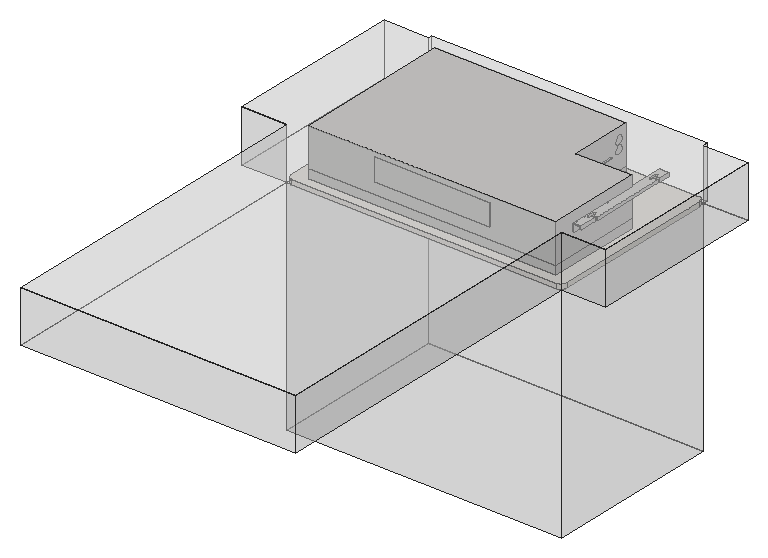
Revit family "outputfile", category 機械設備, Revit 2024
Family settings
  丸型コネクタ寸法 = 半径を使用
  パーツ タイプ = 標準
  OmniClass 番号 = 23.75.10.24.21.27.27
  OmniClass タイトル = Split System Air Conditioning Units
  作業面ベース = いいえ
  常に垂直 = はい
  ロード時にボイドで切り取り = いいえ
  注釈の向きを維持 = いいえ
  共有 = いいえ
  部屋計算ポイント = はい
Parameters (values of type "FXKQ25MAVE4")
  Description = ""
  製造元 = "Daikin"
  書き出し IFC クラス(タイプ) = "IfcUnitaryEquipmentType"
  定義済み IFC タイプ(タイプ) = "AIRCONDITIONINGUNIT"
  Cost = 0
  モデル = "FXKQ25MAVE4"
  Type Comments = ""
  Keynote = ""
  Type Image = (empty or 0)
  Assembly Code = ""
  w_mountinghole = if(Width = 1240.0 mm, 1150.0 mm, 1350.0 mm)  # 1150.0 mm
  w_casing = if(Width = 1240.0 mm, 1110.0 mm, 1310.0 mm)  # 1110.0 mm
  w_block = if(Width = 1240.0 mm, 520.0 mm, 720.0 mm)  # 520.0 mm
  r_OAduct = OA Duct Size Diameter / 2  # 37.5 mm
  r_Liquid Pipe Size = Liquid Pipe Size / 2  # 3.2 mm
  r_Gas Pipe Size = Gas Pipe Size / 2  # 6.35 mm
  r_Drain Pipe Size = Drain Pipe Size / 2  # 12.5 mm
  lw_powersuply = (Width - 130.0 mm) / 2 - 250.0 mm  # 305.0 mm
  lw_gaspipe = 148.0 mm  # constant formula
  lw_drainpipe = 67.0 mm  # constant formula
  lw_liquidpipe = 215.0 mm  # constant formula
  lw_OA = w_casing / 2  # 555.0 mm
  lh_powersuply = 165.0 mm  # constant formula
  lh_liquidpipe = 140.0 mm  # constant formula
  lh_gaspipe = 140.0 mm  # constant formula
  lh_drainpipe = 170.0 mm  # constant formula
  lh_OA = 65.0 mm  # constant formula
  ld_powersuply = 314.0 mm  # constant formula
  ld_liquidpipe = 230.0 mm  # constant formula
  ld_gaspipe = 165.0 mm  # constant formula
  ld_drainpipe = 122.0 mm  # constant formula
  ld_OA = 60.0 mm  # constant formula
  h_mountinghole = 170.0 mm  # constant formula
  h_casing = 215.0 mm  # constant formula
  h_antenna = h_casing - h_mountinghole + 1.0 mm  # 46.0 mm
  d_mountinghole = 350.0 mm  # constant formula
  d_casing = 710.0 mm  # constant formula
  Width = 1240.0 mm
  Voltage_comment_60Hz = "220"
  Voltage_comment_50Hz = "220-240"
  Voltage_60Hz = 220 V
  Voltage_50Hz = 220 V
  Version = "ver.1.0"
  Unit Type = "Single Flow Cassette Type"
  Unit Mass Weight = 31.00 kg
  Unit Designation [instance] = ""
  Uniclass2015Version = "Products v1.30"
  Uniclass2015Title = "Variable refrigerant flow units"
  Uniclass2015Code = "Pr_70_65_03_94"
  URL = ""
  Total Heating Capacity [instance] = 0.000 kW
  Total Cooling Capacity [instance] = 0.000 kW
  Sound Pressure Level_M speed (dBA) = 0
  Sound Pressure Level_L speed (dBA) = 34
  Sound Pressure Level_H speed (dBA) = 39
  Series = "VRV Fan Coil Unit"
  Sensible Cooling Capacity [instance] = 0.000 kW
  Refrigerant Type = "R410A"
  Power Input (Heating) = 0.046 kW
  Power Input (Cooling) = 0.066 kW
  Phase_60Hz = 1
  Phase_50Hz = 1
  Option Accessory 3 [instance] = ""
  Option Accessory 2 [instance] = ""
  Option Accessory 1 [instance] = ""
  OA Duct Size Diameter = 75.0 mm
  Nominal Heating Capacity = 3.200 kW
  Nominal Cooling Capacity = 2.800 kW
  Minimum Circuit Amps_60Hz = 0.4 A
  Minimum Circuit Amps_50Hz = 0.3 A
  Minimum Airflow = 540.00 m³/h
  Median Airflow = 0.00 m³/h
  Maximum Fuse Amps_60Hz = 15.0 A
  Maximum Fuse Amps_50Hz = 15.0 A
  Maximum Airflow = 660.00 m³/h
  Material_Casing = DAIKIN_GalvanizedSteel_Casing_indoorunit
  Load Classification = HVAC
  Liquid Pipe Size = 6.4 mm
  Link_Nested Family [instance] = ""
  IfcVersion = "0"
  IfcExportType = "AIRCONDITIONINGUNIT"
  IfcExportAs = "IfcUnitaryEquipmentType"
  Height = 235.0 mm
  Heating Entering Wet Bulb Temperature [instance] = 0.00 °C
  Heating Entering Dry Bulb Temperature [instance] = 0.00 °C
  Heating Ambient Wet Bulb Temperature [instance] = 0.00 °C
  Heating Ambient Dry Bulb Temperature [instance] = 0.00 °C
  Heat Exchanger Type = "Cross Fin Coil"
  Gas Pipe Size = 12.7 mm
  Frequency_60Hz = 60 Hz
  Frequency_50Hz = 50 Hz
  Fan Type = "Sirocco Fan"
  Fan Drive = "Direct Drive"
  FCU Tag No. [instance] = ""
  Drain Pipe Size = 25.0 mm
  Design Supply Airflow [instance] = 0.00 m³/h
  Design Outdoor Airflow [instance] = 0.00 m³/h
  Depth = 800.0 mm
  既定の高さ = 0.0 mm
  Cooling Entering Wet Bulb Temperature [instance] = 0.00 °C
  Cooling Entering Dry Bulb Temperature [instance] = 0.00 °C
  Cooling Ambient Wet Bulb Temperature [instance] = 0.00 °C
  Cooling Ambient Dry Bulb Temperature [instance] = 0.00 °C
  Clearance visibility [instance] = yes
  Clearance Top = 0.0 mm
  Clearance Right = 200.0 mm
  Clearance Rear = 20.0 mm
  Clearance Left = 200.0 mm
  Clearance Front = 1500.0 mm
  Clearance Bottom = 1000.0 mm
Reference planes
  plane 1 "Center (Front/Back)": y = 0
  plane 2 "ceiling plane": z = 0
  plane 3 "Center (Left/Right)": x = 0
  plane 4 "Back": y = 400
  plane 5 "Front": y = -400
  plane 6 "Left": x = -620
  plane 7 "Right": x = 620
  plane 8 "Top": z = 215
  plane 9 "Bottom": z = -20
  plane 10: x = -555
  plane 11: x = 555
  plane 12: y = 355
  plane 13: y = -355
  plane 14: x = 305
  plane 15: y = 75
  plane 16: y = 175
  plane 17: y = -175
  plane 18: x = -575
  plane 19: x = 575
  plane 20: z = 140
  plane 21: x = 340
  plane 22: y = 230
  plane 23: z = 140
  plane 24: x = 407
  plane 25: y = 165
  plane 26: z = 170
  plane 27: x = 488
  plane 28: y = 122
  plane 29: z = 140
  plane 30: x = -260
  plane 31: x = 260
  plane 32: y = 314
  plane 33: z = 165
  plane 34: x = 340
  plane 35: x = 407
  plane 36: x = 488
  plane 37 "Clearance Rear": y = 420
  plane 38 "Clearance Front": y = -1900
  plane 39 "Clearance Left": x = -820
  plane 40 "Clearance Right": x = 820
  plane 41 "Clearance Top": z = 215
  plane 42 "Clearance Bottom": z = -1020
  plane 43: y = 314
  plane 44: y = 295
  plane 45: z = 150
  plane 46: y = -298
  plane 47: x = -526.5
Forms (mm)
  Extrusion 1, solid, material "DAIKIN_GalvanizedSteel_Casing_indoorunit" <- "Material_Casing"
    sketch origin (0, 0, 0) x (1, 0, 0) y (0, 1, 0)
      loop
        line (-555, 355) -> (-555, -355) -> (555, -355) -> (555, 75) -> (305, 75) -> (305, 355) -> (-555, 355)
    from 38 to 215
  Extrusion 2, solid
    sketch origin (0, 0, 0) x (1, 0, 0) y (0, 0, 1)
      loop
        circle (340, 140) r 3.2
    from 0 to -230
  Extrusion 3, solid
    sketch origin (0, 0, 0) x (1, 0, 0) y (0, 0, 1)
      loop
        circle (407, 140) r 6.35
    from 0 to -165
  Extrusion 4, solid
    sketch origin (0, 0, 0) x (1, 0, 0) y (0, 0, 1)
      loop
        circle (488, 170) r 12.5
    from 0 to -122
  Extrusion 5, solid, material "DAIKIN_GalvanizedSteel_Casing_indoorunit" <- "Material_Casing"
    sketch origin (-1374.64, -355, 1200) x (-1, 0, 0) y (0, 0, 1)
      loop
        line (-1114.64, -1010) -> (-1634.64, -1010) -> (-1634.64, -1110) -> (-1114.64, -1110) -> (-1114.64, -1010)
    from 0 to 5
  Extrusion 6, solid, material "DAIKIN_GalvanizedSteel_Casing_indoorunit" <- "Material_Casing"
    sketch origin (305, 75, 0) x (0, 1, 0) y (0, 0, 1)
      loop
        arc (74.992, 72.003) -> (85, 70) -> (95.008, 72.003) r 26
        line (95.008, 72.003) -> (117.626, 81.437)
        arc (117.626, 81.437) -> (127, 96) -> (117.626, 110.563) r 16
        line (117.626, 110.563) -> (95.008, 119.997)
        arc (95.008, 119.997) -> (85, 122) -> (74.992, 119.997) r 26
        line (74.992, 119.997) -> (52.374, 110.563)
        arc (52.374, 110.563) -> (43, 96) -> (52.374, 81.437) r 16
        line (52.374, 81.437) -> (74.992, 72.003)
      loop
        circle (85, 96) r 20
    from 0 to 5
  Extrusion 7, solid, material "DAIKIN_GalvanizedSteel_Casing_indoorunit" <- "Material_Casing"
    sketch origin (305, 75, 0) x (0, 1, 0) y (0, 0, 1)
      loop
        circle (85, 96) r 7
    from 0 to 18
  Extrusion 8, solid, material "DAIKIN_GalvanizedSteel_Casing_indoorunit" <- "Material_Casing"
    sketch origin (-555, 1296.25, 1200) x (0, 1, 0) y (0, 0, 1)
      loop
        circle (-1001.25, -1050) r 37.5
    from 0 to 5
  Extrusion 9, solid, material "DAIKIN_GalvanizedSteel_Casing_indoorunit" <- "Material_Casing"
    sketch origin (305, 75, 0) x (0, 1, 0) y (0, 0, 1)
      loop
        circle (239, 165) r 17
      loop
        circle (239, 125.153) r 17
    from 0 to -5
  Extrusion 10, solid, material "DAIKIN_GalvanizedSteel_Casing_indoorunit" <- "Material_Casing"
    sketch origin (-1374.64, 355, 1200) x (-1, 0, 0) y (0, 0, 1)
      loop
        circle (-850.64, -1087) r 20
    from 0 to -5
Dimensions and locks
  "Width": plane 6 "Left" to plane 7 "Right"
  "Depth": plane 4 "Back" to plane 5 "Front"
  "Height": plane 8 "Top" to plane 9 "Bottom"
  equal spacing: plane 12, plane 1 "Center (Front/Back)", plane 13
  "d_casing": plane 12 to plane 13
  locked: plane 6 "Left" to plane 10 at 65
  plane 11 to plane 7 "Right" = 65.0 mm
  equal spacing: plane 6 "Left", plane 3 "Center (Left/Right)", plane 7 "Right"
  "w_casing": plane 10 to plane 11
  locked: plane 14 to plane 11 at 250
  locked: plane 12 to plane 15 at 280
  "h_casing": plane 8 "Top" to level
  equal spacing: plane 16, plane 1 "Center (Front/Back)", plane 17
  "d_mountinghole": plane 16 to plane 17
  equal spacing: plane 18, plane 3 "Center (Left/Right)", plane 19
  "w_mountinghole": plane 18 to plane 19
  "lw_liquidpipe": plane 11 to plane 21
  "lh_liquidpipe": plane 20 to level
  "ld_liquidpipe": plane 1 "Center (Front/Back)" to plane 22
  "lh_gaspipe": plane 23 to level
  "lw_gaspipe": plane 11 to plane 24
  "ld_gaspipe": plane 1 "Center (Front/Back)" to plane 25
  "lh_drainpipe": plane 26 to level
  "lw_drainpipe": plane 11 to plane 27
  "ld_drainpipe": plane 1 "Center (Front/Back)" to plane 28
  locked: plane 29 to level at 140
  Extrusion 5 sketch curve to plane 29 to Extrusion 5 sketch curve = 50.0 mm locked, 50.0 mm locked
  equal spacing: plane 31, plane 3 "Center (Left/Right)", plane 30
  "w_block": plane 31 to plane 30
  locked: plane 1 "Center (Front/Back)" to Extrusion 6 sketch curve at 160
  locked: Extrusion 6 sketch curve to level at 96
  plane 1 "Center (Front/Back)" to Extrusion 7 sketch curve = 160.0 mm
  Extrusion 7 sketch curve to level = 96.0 mm
  locked: plane 12 to Extrusion 8 sketch curve at 60
  locked: plane 8 "Top" to Extrusion 8 sketch curve at 65
  locked: Extrusion 10 sketch curve to plane 10 at 31
  locked: plane 8 "Top" to Extrusion 10 sketch curve at 102
  "lh_powersuply": plane 33 to level
  "lw_drainpipe": plane 36 to plane 11
  "lw_gaspipe": plane 35 to plane 11
  "lw_liquidpipe": plane 34 to plane 11
  "lw_powersuply": plane 3 "Center (Left/Right)" to Extrusion 1
  "Clearance Left": plane 39 "Clearance Left" to plane 6 "Left"
  "Clearance Right": plane 7 "Right" to plane 40 "Clearance Right"
  "Clearance Front": plane 5 "Front" to plane 38 "Clearance Front"
  "Clearance Rear": plane 37 "Clearance Rear" to plane 4 "Back"
  "Clearance Top": plane 41 "Clearance Top" to plane 8 "Top"
  "Clearance Bottom": plane 9 "Bottom" to plane 42 "Clearance Bottom"
  "ld_powersuply": plane 43 to plane 1 "Center (Front/Back)"
  "ld_powersuply": plane 1 "Center (Front/Back)" to Extrusion 9 sketch curve
  "ld_OA": plane 12 to plane 44
  "lh_OA": plane 41 "Clearance Top" to plane 45
  locked: plane 46 to plane 13 at 57
  locked: plane 6 "Left" to plane 47 at 93.5
  "r_Liquid Pipe Size": radius of Extrusion 2 sketch curve
  "r_Gas Pipe Size": radius of Extrusion 3 sketch curve
  "r_Drain Pipe Size": radius of Extrusion 4 sketch curve
  aligned and locked: level to plane 2 "ceiling plane"
  aligned and locked: plane 6 "Left" to nested 1
  aligned and locked: plane 7 "Right" to nested 1
  aligned and locked: plane 4 "Back" to nested 1
  aligned and locked: plane 5 "Front" to nested 1
  aligned and locked: plane 9 "Bottom" to nested 1
  aligned and locked: Extrusion 1 sketch curve to plane 10
  aligned and locked: plane 12 to Extrusion 1 sketch curve
  aligned and locked: Extrusion 1 sketch curve to plane 13
  aligned and locked: plane 11 to Extrusion 1 sketch curve
  aligned and locked: Extrusion 1 sketch curve to plane 15
  aligned and locked: plane 14 to Extrusion 1 sketch curve
  aligned and locked: Extrusion 1 to nested 1
  aligned and locked: plane 8 "Top" to Extrusion 1
  aligned and locked: plane 11 to nested 2
  aligned and locked: plane 10 to nested 3
  aligned and locked: nested 7 to plane 16
  aligned and locked: plane 19 to nested 7
  aligned and locked: nested 6 to plane 17
  aligned and locked: plane 19 to nested 6
  aligned and locked: nested 4 to plane 16
  aligned and locked: plane 18 to nested 4
  aligned and locked: nested 5 to plane 17
  aligned and locked: plane 18 to nested 5
  aligned and locked: plane 20 to Extrusion 2 sketch curve
  aligned and locked: plane 21 to Extrusion 2 sketch curve
  aligned and locked: plane 22 to Extrusion 2
  aligned and locked: plane 23 to Extrusion 3 sketch curve
  aligned and locked: plane 24 to Extrusion 3 sketch curve
  aligned and locked: plane 25 to Extrusion 3
  aligned and locked: plane 26 to Extrusion 4 sketch curve
  aligned and locked: plane 27 to Extrusion 4 sketch curve
  aligned and locked: plane 28 to Extrusion 4
  aligned and locked: plane 30 to Extrusion 5 sketch curve
  aligned and locked: Extrusion 5 sketch curve to plane 31
  aligned and locked: plane 32 to Extrusion 9 sketch curve
  aligned and locked: plane 33 to Extrusion 9 sketch curve
  aligned and locked: nested 8 to plane 34
  aligned and locked: plane 22 to nested 8
  aligned and locked: nested 9 to plane 35
  aligned and locked: plane 25 to nested 9
  aligned and locked: nested 10 to plane 36
  aligned and locked: plane 28 to nested 10
  aligned and locked: Extrusion 1 to nested 11
  aligned and locked: plane 43 to nested 11
  aligned and locked: nested 12 to plane 44
  aligned and locked: nested 12 to plane 10
  aligned and locked: nested 12 to plane 45
  aligned and locked: plane 1 "Center (Front/Back)" to nested 14
  aligned and locked: nested 14 to plane 3 "Center (Left/Right)"
  aligned and locked: plane 41 "Clearance Top" to nested 14
  aligned and locked: nested 13 to plane 46
  aligned and locked: plane 47 to nested 13
Automatic sketch dimensions
  Extrusion 6 sketch curve to Extrusion 6 sketch curve = 0.0 mm  (x4)
  Extrusion 1 to Extrusion 6 sketch curve = 34.003 mm  (x2)
  Extrusion 6 sketch curve to Extrusion 6 sketch curve = 10.008 mm  (x2)
  Extrusion 6 sketch curve to Extrusion 6 sketch curve = 26.0 mm  (x2)
  Extrusion 6 sketch curve to Extrusion 6 sketch curve = 6.626 mm  (x4)
  Extrusion 6 sketch curve to Extrusion 6 sketch curve = 20.016 mm
  Extrusion 1 to Extrusion 6 sketch curve = 43.437 mm
  Extrusion 6 sketch curve to Extrusion 6 sketch curve = 9.433 mm  (x2)
  Extrusion 6 sketch curve to Extrusion 6 sketch curve = 14.563 mm  (x2)
  Extrusion 9 sketch curve to Extrusion 9 sketch curve = 39.847 mm
  radius of Extrusion 6 sketch curve = 20.0 mm
  radius of Extrusion 7 sketch curve = 7.0 mm
  radius of Extrusion 8 sketch curve = 37.5 mm
  radius of Extrusion 10 sketch curve = 20.0 mm
  radius of Extrusion 9 sketch curve = 17.0 mm  (x2)
Nested families
  nested 1: "daikin_round flow_panel" at (0, 0, 0), type "fresh white"
  nested 2: "daikin_hangerfixture_FXKQ-MAVE4" at (555, -12.527, 170) x (0, 1, 0) z (0, 0, 1), built-in parameter 1001364 <- "h_mountinghole", type "daikin_hangerfixture_FXKQ-MAVE4"
  nested 3: "daikin_hangerfixture_FXKQ-MAVE4" at (-555, -12.527, 170) x (0, 1, 0) z (0, 0, 1), built-in parameter 1001364 <- "h_mountinghole", type "daikin_hangerfixture_FXKQ-MAVE4"
  nested 4: "daikin_mountinghole" at (-575, 175, 0), l_antenna <- "h_antenna", Link_Nested Family <- "Link_Nested Family", h_mountinghole <- "h_mountinghole", type "daikin_mountinghole"
    with show yes, l_antenna 46.0 mm, h_mountinghole 170.0 mm, Link_Nested Family ""
  nested 5: "daikin_mountinghole" at (-575, -175, 0), l_antenna <- "h_antenna", Link_Nested Family <- "Link_Nested Family", h_mountinghole <- "h_mountinghole", type "daikin_mountinghole"
    with show yes, l_antenna 46.0 mm, h_mountinghole 170.0 mm, Link_Nested Family ""
  nested 6: "daikin_mountinghole" at (575, -175, 0), l_antenna <- "h_antenna", Link_Nested Family <- "Link_Nested Family", h_mountinghole <- "h_mountinghole", type "daikin_mountinghole"
    with show yes, l_antenna 46.0 mm, h_mountinghole 170.0 mm, Link_Nested Family ""
  nested 7: "daikin_mountinghole" at (575, 175, 0), l_antenna <- "h_antenna", Link_Nested Family <- "Link_Nested Family", h_mountinghole <- "h_mountinghole", type "daikin_mountinghole"
    with show yes, l_antenna 46.0 mm, h_mountinghole 170.0 mm, Link_Nested Family ""
  nested 8: "daikin_connector_rotate2" at (340, 0, 140) x (-1, 0, 0) z (0, 0, 1), built-in parameter 1001364 <- "lh_liquidpipe", radius <- "r_Liquid Pipe Size", length <- "ld_liquidpipe", type "daikin_connector_rotate2"
    with radius 3.2 mm, length 230.0 mm, angle_vertical 90.00°, show_face no
  nested 9: "daikin_connector_rotate2" at (407, 0, 140) x (-1, 0, 0) z (0, 0, 1), built-in parameter 1001364 <- "lh_gaspipe", radius <- "r_Gas Pipe Size", length <- "ld_gaspipe", type "daikin_connector_rotate2"
    with radius 6.35 mm, length 165.0 mm, angle_vertical 90.00°, show_face no
  nested 10: "daikin_connector_rotate2" at (488, 0, 170) x (-1, 0, 0) z (0, 0, 1), built-in parameter 1001364 <- "lh_drainpipe", radius <- "r_Drain Pipe Size", length <- "ld_drainpipe", type "daikin_connector_rotate2"
    with radius 12.5 mm, length 122.0 mm, angle_vertical 90.00°, show_face no
  nested 11: "daikin_connector_rotate2" at (0, 314, 165) x (0, 1, 0) z (0, 0, 1), length <- "lw_powersuply", built-in parameter 1001364 <- "lh_powersuply", type "daikin_connector_rotate2"
    with radius 10.0 mm, length 305.0 mm, angle_vertical 90.00°, show_face no
  nested 12: "daikin_connector_rotate2" at (0, 295, 150) x (0, -1, 0) z (0, 0, 1), radius <- "r_OAduct", length <- "lw_OA", type "daikin_connector_rotate2"
    with radius 37.5 mm, length 555.0 mm, angle_vertical 90.00°, show_face no
  nested 13: "daikin_logo_plane_w40" at (-526.5, -298, -22), type "daikin_logo_plane_w40"
    with show_logo yes
  nested 14: "daikin_clearancespace_cassette" at (0, 0, 97.5), depth_outline <- "Depth", height_outline <- "Height", width_outline <- "Width", depth_front <- "Clearance Front", depth_rear <- "Clearance Rear", height_bottom <- "Clearance Bottom", height_top <- "Clearance Top", width_left <- "Clearance Left", width_right <- "Clearance Right", show <- "Clearance visibility", visible <- "Clearance visibility", Link_Nested Family <- "Link_Nested Family", type "daikin_clearancespace_cassette"
    with width_right 200.0 mm, width_outline 1240.0 mm, width_left 200.0 mm, width 1823.963 mm, show yes, height_top 0.0 mm, height_outline 235.0 mm, height_bottom 1000.0 mm, height 1359.762 mm, depth_rear 20.0 mm, depth_outline 800.0 mm, depth_front 1500.0 mm, depth 880.0 mm, Link_Nested Family ""
Connectors
  electrical at (305, 314, 165), driven by "Load Classification"
    settings: on nested 11, index 1, voltage 0 V, apparent load 0 VA, apparent load phase1 0 VA, apparent load phase2 0 VA, apparent load phase3 0 VA, power factor 1, load classification "HVAC", number of poles 1, system type 30, power factor state 1, is connector primary yes, connector utility no, sub classification motor no, connector description "Power Supply"
  piping at (340, 230, 140), diameter 6.4, driven by "r_Liquid Pipe Size"
    settings: on nested 8, index 2, connector inside diameter 609.6 mm, connector length 0.0 mm, flow factor 0, pipe flow 0.00 m³/h, pressure drop 0.0 Pa, fitting loss kfactor 0, connector angle 0.00°, fixture units 0, engagement length 0.0 mm, angle of deflection 0.00°, flow configuration 1, flow direction 1, fitting loss method 0, system type 29, joint type 0, gender type 0, connector reference index -1, connector utility 0, adjustable connector no, is connector primary yes, connector description "Refrigerant Liquid Piping"
  piping at (407, 165, 140), diameter 12.7, driven by "r_Gas Pipe Size"
    settings: on nested 9, index 3, connector inside diameter 609.6 mm, connector length 0.0 mm, flow factor 0, pipe flow 0.00 m³/h, pressure drop 0.0 Pa, fitting loss kfactor 0, connector angle 0.00°, fixture units 0, engagement length 0.0 mm, angle of deflection 0.00°, flow configuration 1, flow direction 2, fitting loss method 0, system type 29, joint type 0, gender type 0, connector reference index -1, connector utility 0, adjustable connector no, is connector primary no, connector description "Refrigerant Gas Piping"
  piping at (488, 122, 170), diameter 25, driven by "r_Drain Pipe Size"
    settings: on nested 10, index 4, connector inside diameter 609.6 mm, connector length 0.0 mm, flow factor 0, pipe flow 0.00 m³/h, pressure drop 0.0 Pa, fitting loss kfactor 0, connector angle 0.00°, fixture units 0, engagement length 0.0 mm, angle of deflection 0.00°, flow configuration 1, flow direction 2, fitting loss method 4, system type 16, joint type 0, gender type 0, connector reference index -1, connector utility 0, adjustable connector no, is connector primary no, connector description "Condensate Drain Piping"
  hvac at (-555, 295, 150), driven by "r_OAduct"
    settings: on nested 12, index 5, duct flow 0.00 m³/h, flow factor 0, pres drop 0.00 Pa, loss coef 0, conn angle 0.00°, conn width 304.8 mm, conn height 304.8 mm, conn diameter 75.0 mm, duct sys type 1, conn prof type 0, flow config 0, flow direction 1, loss method 4, conn ref index -1, conn util no, is conn primary yes, conn desc "OA Duct"
Definition of nested family "daikin_round flow_panel"
  Parameters (values of type "fresh white")
    width = if(W = 1240.0 mm, 1240.0 mm, 1440.0 mm)  # 1240.0 mm
    w_casing = width - 130.0 mm  # 1110.0 mm
    material_panel = none
    material_casing = none
    height = 58.0 mm  # constant formula
    depth = 800.0 mm  # constant formula
    d_casing = 710.0 mm  # constant formula
    W = 1240.0 mm
    Default Elevation = 0.0 mm
  Reference planes
    plane 1 "Center (Front/Back)": y = 0
    plane 2: z = 0
    plane 3 "Center (Left/Right)": x = 0
    plane 4: y = 400
    plane 5: y = -400
    plane 6: x = -620
    plane 7: x = 620
    plane 8 "Bottom": z = -20
    plane 9: y = 355
    plane 10: y = -355
    plane 11: x = -555
    plane 12: x = 555
    plane 13: z = 38
    plane 14: x = -563
    plane 15: x = 563
    plane 16: y = 341
    plane 17: y = -350
    plane 18: y = 71
    plane 19: y = -228
    plane 20: x = -490
    plane 21: x = 490
    plane 22: x = 305
    plane 23: y = 75
  Forms (mm)
    Extrusion 1, solid, material <- "material_casing"
      sketch origin (0, 0, 0) x (1, 0, 0) y (0, 1, 0)
        loop
          line (-555, 355) -> (-555, -355) -> (555, -355) -> (555, 355) -> (-555, 355)
      from 0 to 38
    Extrusion 2, solid, material <- "material_panel"
      sketch origin (0, 0, 0) x (1, 0, 0) y (0, 1, 0)
        loop
          arc (-595, 400) -> (-612.678, 392.678) -> (-620, 375) r 25
          line (-620, 375) -> (-620, -375)
          arc (-620, -375) -> (-612.678, -392.678) -> (-595, -400) r 25
          line (-595, -400) -> (595, -400)
          arc (595, -400) -> (612.678, -392.678) -> (620, -375) r 25
          line (620, -375) -> (620, 375)
          arc (620, 375) -> (612.678, 392.678) -> (595, 400) r 25
          line (595, 400) -> (-595, 400)
      from 0 to -20
    Extrusion 3, void
      sketch origin (0, 0, 0) x (1, 0, 0) y (0, 1, 0)
        loop
          line (-563, 400) -> (-563, -400) -> (563, -400) -> (563, 400) -> (-563, 400)
      from -10 to -20
    Extrusion 4, solid, material <- "material_panel"
      sketch origin (0, 0, 0) x (1, 0, 0) y (0, 1, 0)
        loop
          line (-563, 400) -> (-563, 341) -> (563, 341) -> (563, 400) -> (-563, 400)
        loop
          line (-563, -350) -> (-563, -400) -> (563, -400) -> (563, -350) -> (-563, -350)
      from -20 to -10
    Extrusion 5, solid, material <- "material_panel"
      sketch origin (0, 0, 0) x (1, 0, 0) y (0, 1, 0)
        loop
          line (-563, 341) -> (-563, 71) -> (563, 71) -> (563, 341) -> (-563, 341)
      from -20 to -10
    Extrusion 6, solid, material <- "material_panel"
      sketch origin (0, 0, 0) x (1, 0, 0) y (0, 1, 0)
        loop
          line (-563, 71) -> (-563, -228) -> (563, -228) -> (563, 71) -> (-563, 71)
      from -20 to -10
    Extrusion 7, solid, material <- "material_panel"
      sketch origin (0, 0, 0) x (1, 0, 0) y (0, 1, 0)
        loop
          line (-563, -228) -> (-563, -350) -> (-490, -350) -> (-490, -228) -> (-563, -228)
        loop
          line (490, -228) -> (490, -350) -> (563, -350) -> (563, -228) -> (490, -228)
      from -20 to -10
    Extrusion 8, solid, material <- "material_panel"
      sketch origin (0, 0, 0) x (1, 0, 0) y (0, 1, 0)
        loop
          line (-490, -228) -> (-490, -350) -> (-472, -350) -> (-472, -228) -> (-490, -228)
        loop
          line (472, -228) -> (472, -350) -> (490, -350) -> (490, -228) -> (472, -228)
      from -20 to -10
    Extrusion 9, solid, material <- "material_panel"
      sketch origin (0, 0, 0) x (1, 0, 0) y (0, 1, 0)
        loop
          line (-472, -228) -> (-472, -350) -> (472, -350) -> (472, -228) -> (-472, -228)
      from -20 to -10
    Extrusion 10, void
      sketch origin (0, 0, 0) x (1, 0, 0) y (0, 1, 0)
        loop
          line (305, 355) -> (305, 75) -> (555, 75) -> (555, 355) -> (305, 355)
      from 38 to 0
  Cuts and joins
    Extrusion 3, Extrusion 10 cuts Extrusion 1
    Extrusion 3, Extrusion 10 cuts Extrusion 2
    Extrusion 10 cuts Extrusion 4
    joined: Extrusion 2, Extrusion 4
  Dimensions and locks
    "width": plane 6 to plane 7
    "depth": plane 4 to plane 5
    equal spacing: plane 6, plane 3 "Center (Left/Right)", plane 7
    equal spacing: plane 4, plane 1 "Center (Front/Back)", plane 5
    equal spacing: plane 9, plane 1 "Center (Front/Back)", plane 10
    "d_casing": plane 9 to plane 10
    equal spacing: plane 11, plane 3 "Center (Left/Right)", plane 12
    "w_casing": plane 11 to plane 12
    locked: level to plane 8 "Bottom" at 20
    locked: plane 6 to plane 14 at 57
    locked: plane 15 to plane 7 at 57
    "height": plane 13 to plane 8 "Bottom"
    locked: plane 4 to plane 16 at 59
    locked: plane 17 to plane 5 at 50
    locked: cut or joined group of Extrusion 2, Extrusion 3, Extrusion 4, Extrusion 10 to plane 18 at 270
    locked: plane 19 to Extrusion 5 at 299
    locked: plane 14 to plane 20 at 73
    locked: plane 21 to plane 15 at 73
    locked: plane 9 to plane 23 at 280
    locked: plane 22 to plane 12 at 250
    plane 6 to Extrusion 8 sketch curve to Extrusion 8 sketch curve = 130.0 mm locked, 18.0 mm locked
    Extrusion 8 sketch curve to Extrusion 8 sketch curve to plane 7 = 18.0 mm locked, 130.0 mm locked
    radius of Extrusion 2 sketch curve = 25.0 mm  (x4)
    aligned and locked: level to plane 2
    aligned and locked: plane 11 to Extrusion 1 sketch curve
    aligned and locked: Extrusion 1 sketch curve to plane 12
    aligned and locked: Extrusion 1 sketch curve to plane 9
    aligned and locked: plane 10 to Extrusion 1 sketch curve
    aligned and locked: Extrusion 1 to level
    aligned and locked: plane 13 to Extrusion 1
    aligned and locked: Extrusion 2 sketch curve to plane 4
    aligned and locked: plane 6 to Extrusion 2 sketch curve
    aligned and locked: plane 5 to Extrusion 2 sketch curve
    aligned and locked: Extrusion 2 sketch curve to plane 7
    aligned and locked: Extrusion 2 to plane 8 "Bottom"
    aligned and locked: level to Extrusion 2
    aligned and locked: plane 14 to Extrusion 3 sketch curve
    aligned and locked: Extrusion 3 sketch curve to plane 15
    aligned and locked: Extrusion 3 sketch curve to plane 4
    aligned and locked: plane 5 to Extrusion 3 sketch curve
    aligned and locked: plane 8 "Bottom" to Extrusion 3
    aligned and locked: plane 16 to Extrusion 4 sketch curve
    aligned and locked: Extrusion 4 sketch curve to plane 4
    aligned and locked: plane 14 to Extrusion 4 sketch curve  (x2)
    aligned and locked: Extrusion 4 sketch curve to plane 15  (x2)
    aligned and locked: Extrusion 4 sketch curve to plane 17
    aligned and locked: plane 5 to Extrusion 4 sketch curve
    aligned and locked: Extrusion 4 to cut or joined group of Extrusion 2, Extrusion 3, Extrusion 4, Extrusion 10
    aligned and locked: Extrusion 4 to plane 8 "Bottom"
    aligned and locked: Extrusion 5 sketch curve to cut or joined group of Extrusion 2, Extrusion 3, Extrusion 4, Extrusion 10  (x2)
    aligned and locked: Extrusion 5 sketch curve to plane 18
    aligned and locked: Extrusion 5 sketch curve to plane 15
    aligned and locked: Extrusion 5 to cut or joined group of Extrusion 2, Extrusion 3, Extrusion 4, Extrusion 10
    aligned and locked: Extrusion 5 to plane 8 "Bottom"
    aligned and locked: Extrusion 5 to Extrusion 6 sketch curve
    aligned and locked: Extrusion 6 sketch curve to plane 19
    aligned and locked: plane 14 to Extrusion 6 sketch curve
    aligned and locked: Extrusion 6 sketch curve to plane 15
    aligned and locked: Extrusion 6 to cut or joined group of Extrusion 2, Extrusion 3, Extrusion 4, Extrusion 10
    aligned and locked: Extrusion 6 to plane 8 "Bottom"
    aligned and locked: Extrusion 6 to Extrusion 7 sketch curve  (x2)
    aligned and locked: cut or joined group of Extrusion 2, Extrusion 3, Extrusion 4, Extrusion 10 to Extrusion 7 sketch curve  (x2)
    aligned and locked: plane 21 to Extrusion 7 sketch curve
    aligned and locked: Extrusion 7 sketch curve to plane 15
    aligned and locked: Extrusion 7 sketch curve to plane 20
    aligned and locked: plane 14 to Extrusion 7 sketch curve
    aligned and locked: Extrusion 7 to cut or joined group of Extrusion 2, Extrusion 3, Extrusion 4, Extrusion 10
    aligned and locked: Extrusion 7 to plane 8 "Bottom"
    aligned and locked: cut or joined group of Extrusion 2, Extrusion 3, Extrusion 4, Extrusion 10 to Extrusion 8
    aligned and locked: Extrusion 8 to plane 8 "Bottom"
    aligned and locked: Extrusion 6 to Extrusion 9 sketch curve
    aligned and locked: cut or joined group of Extrusion 2, Extrusion 3, Extrusion 4, Extrusion 10 to Extrusion 9 sketch curve
    aligned and locked: cut or joined group of Extrusion 2, Extrusion 3, Extrusion 4, Extrusion 10 to Extrusion 9
    aligned and locked: Extrusion 9 to plane 8 "Bottom"
    aligned and locked: Extrusion 10 sketch curve to plane 9
    aligned and locked: Extrusion 10 sketch curve to plane 23
    aligned and locked: plane 22 to Extrusion 10 sketch curve
    aligned and locked: Extrusion 10 sketch curve to plane 12
    aligned and locked: Extrusion 10 to plane 13
    aligned and locked: Extrusion 10 to level
  Automatic sketch dimensions
    plane 11 to Extrusion 9 sketch curve = 83.0 mm
    Extrusion 9 sketch curve to plane 12 = 83.0 mm
    plane 10 to Extrusion 8 sketch curve = 5.0 mm  (x2)
    Extrusion 8 sketch curve to Extrusion 8 sketch curve = 122.0 mm  (x2)
Definition of nested family "daikin_hangerfixture_FXKQ-MAVE4"
  Parameters (values of type "daikin_hangerfixture_FXKQ-MAVE4")
    width = 495.0 mm
    material = none
    height = 40.0 mm
    depth = 40.0 mm
    Default Elevation = 0.0 mm
  Reference planes
    plane 1 "Center (Front/Back)": y = 0
    plane 2: z = 0
    plane 3 "Center (Left/Right)": x = 0
    plane 4: y = 417.146
    plane 5: y = -40
    plane 6: x = -247.5
    plane 7: x = 247.5
    plane 8: z = -4.6
    plane 9: z = -16
    plane 10: y = -2.3
    plane 11: y = -35.4
    plane 12 "CENTER": y = -20
    plane 13: z = -40
  Forms (mm)
    Extrusion 1, solid, material <- "material"
      sketch origin (0, 0, 0) x (1, 0, 0) y (0, 1, 0)
        loop
          line (-247.5, -40) -> (-168.5, -40) -> (-168.5, -29)
          arc (-168.5, -29) -> (-169.379, -26.879) -> (-171.5, -26) r 3
          line (-171.5, -26) -> (-176.5, -26)
          arc (-176.5, -26) -> (-182.5, -20) -> (-176.5, -14) r 6
          line (-176.5, -14) -> (-148.5, -14)
          arc (-148.5, -14) -> (-142.5, -20) -> (-148.5, -26) r 6
          line (-148.5, -26) -> (-153.5, -26)
          arc (-153.5, -26) -> (-155.621, -26.879) -> (-156.5, -29) r 3
          line (-156.5, -29) -> (-156.5, -40) -> (181.5, -40) -> (181.5, -29)
          arc (181.5, -29) -> (180.621, -26.879) -> (178.5, -26) r 3
          line (178.5, -26) -> (173.5, -26)
          arc (173.5, -26) -> (167.5, -20) -> (173.5, -14) r 6
          line (173.5, -14) -> (201.5, -14)
          arc (201.5, -14) -> (207.5, -20) -> (201.5, -26) r 6
          line (201.5, -26) -> (196.5, -26)
          arc (196.5, -26) -> (194.379, -26.879) -> (193.5, -29) r 3
          line (193.5, -29) -> (193.5, -40) -> (247.5, -40) -> (247.5, 0) -> (-247.5, 0) -> (-247.5, -40)
      from 0 to -4.6
    Extrusion 2, solid, material <- "material"
      sketch origin (-1008.844, -40, 1200) x (-1, 0, 0) y (0, 0, 1)
        loop
          line (-761.344, -1200) -> (-840.344, -1200) -> (-840.344, -1210)
          arc (-840.344, -1210) -> (-838.587, -1214.243) -> (-834.344, -1216) r 6
          line (-834.344, -1216) -> (-767.344, -1216)
          arc (-767.344, -1216) -> (-763.102, -1214.243) -> (-761.344, -1210) r 6
          line (-761.344, -1210) -> (-761.344, -1200)
        loop
          line (-852.344, -1200) -> (-1190.344, -1200) -> (-1190.344, -1210)
          arc (-1190.344, -1210) -> (-1188.587, -1214.243) -> (-1184.344, -1216) r 6
          line (-1184.344, -1216) -> (-858.344, -1216)
          arc (-858.344, -1216) -> (-854.102, -1214.243) -> (-852.344, -1210) r 6
          line (-852.344, -1210) -> (-852.344, -1200)
        loop
          line (-1202.344, -1200) -> (-1256.344, -1200) -> (-1256.344, -1210)
          arc (-1256.344, -1210) -> (-1254.587, -1214.243) -> (-1250.344, -1216) r 6
          line (-1250.344, -1216) -> (-1208.344, -1216)
          arc (-1208.344, -1216) -> (-1204.102, -1214.243) -> (-1202.344, -1210) r 6
          line (-1202.344, -1210) -> (-1202.344, -1200)
      from 0 to 4.6
    Extrusion 3, solid, material <- "material"
      sketch origin (0, 0, 0) x (1, 0, 0) y (0, 0, 1)
        loop
          line (-237.5, -40) -> (237.5, -40)
          arc (237.5, -40) -> (244.571, -37.071) -> (247.5, -30) r 10
          line (247.5, -30) -> (247.5, 0) -> (-247.5, 0) -> (-247.5, -30)
          arc (-247.5, -30) -> (-244.571, -37.071) -> (-237.5, -40) r 10
      from 0 to 4.6
  Cuts and joins
    joined: Extrusion 1, Extrusion 2, Extrusion 3
  Dimensions and locks
    "width": plane 6 to plane 7
    "depth": plane 5 to plane 1 "Center (Front/Back)"
    plane 2 to plane 8 = 4.6 mm
    plane 10 to plane 1 "Center (Front/Back)" = 2.3 mm
    plane 11 to plane 5 = 4.6 mm
    equal spacing: plane 5, plane 12 "CENTER", plane 1 "Center (Front/Back)"
    plane 6 to plane 3 "Center (Left/Right)" = 247.5 mm
    plane 3 "Center (Left/Right)" to plane 7 = 247.5 mm
    "height": level to plane 13
    aligned and locked: level to plane 2
    aligned and locked: plane 2 to Extrusion 1
    aligned and locked: Extrusion 1 sketch curve to plane 5
    aligned and locked: Extrusion 1 sketch curve to plane 6
    aligned and locked: Extrusion 3 sketch curve to plane 13
    aligned and locked: Extrusion 3 sketch curve to cut or joined group of Extrusion 1, Extrusion 2, Extrusion 3  (x2)
    aligned and locked: Extrusion 3 sketch curve to plane 6
  Automatic sketch dimensions
    Extrusion 2 sketch curve to plane 9 = 0.0 mm  (x3)
    Extrusion 2 sketch curve to level = 0.0 mm  (x3)
    Extrusion 2 sketch curve to Extrusion 2 sketch curve = 6.0 mm  (x3)
    Extrusion 2 sketch curve to Extrusion 2 sketch curve = 18.0 mm
    plane 9 to Extrusion 2 sketch curve = 6.0 mm  (x2)
    plane 6 to Extrusion 2 sketch curve = 6.0 mm
    Extrusion 2 sketch curve to plane 7 = 0.0 mm
    Extrusion 2 sketch curve to plane 6 = 0.0 mm
    Extrusion 2 sketch curve to Extrusion 2 sketch curve = 42.0 mm
    Extrusion 2 sketch curve to Extrusion 2 sketch curve = 12.0 mm
    Extrusion 2 sketch curve to Extrusion 2 sketch curve = 91.0 mm
    Extrusion 1 sketch curve to plane 12 "CENTER" = 0.0 mm  (x4)
    Extrusion 1 sketch curve to plane 5 = 0.0 mm  (x2)
    Extrusion 1 sketch curve to plane 7 = 0.0 mm
    plane 1 "Center (Front/Back)" to Extrusion 1 sketch curve = 0.0 mm
    Extrusion 1 sketch curve to plane 12 "CENTER" = 6.0 mm  (x2)
    plane 6 to Extrusion 1 sketch curve = 71.0 mm
    Extrusion 1 sketch curve to Extrusion 1 sketch curve = 5.0 mm  (x4)
    Extrusion 1 sketch curve to Extrusion 1 sketch curve = 3.0 mm  (x4)
    Extrusion 1 sketch curve to Extrusion 1 sketch curve = 12.0 mm  (x2)
    Extrusion 1 sketch curve to plane 7 = 74.0 mm
    plane 6 to Extrusion 3 sketch curve = 10.0 mm
    Extrusion 3 sketch curve to plane 7 = 10.0 mm
Definition of nested family "daikin_logo_plane_w40"
  Parameters (values of type "daikin_logo_plane_w40")
    width = 40.0 mm
    show_logo [instance] = yes
    material = none
    height = 0.0 mm
    depth = 0.0 mm
    Default Elevation = 0.0 mm
  Reference planes
    plane 1 "Center (Front/Back)": y = 0
    plane 2: z = 0
    plane 3 "Center (Left/Right)": x = 0
    plane 4: z = 2
    plane 5 "left": x = -19
    plane 6: x = 19
  Forms (mm)
    Extrusion 1, solid, visible <- "show_logo"
      sketch origin (-19, 0, 0) x (1, 0, 0) y (0, 1, 0)
        loop
          line (8.902, -1.878) -> (7.789, -6.332) -> (11.13, -6.332)
          arc (11.13, -6.332) -> (12.454, -6.064) -> (13.472, -5.176) r 2.642
          arc (13.472, -5.176) -> (13.92, -4.02) -> (13.767, -2.79) r 2.537
          arc (13.767, -2.79) -> (13.452, -2.342) -> (12.982, -2.06) r 1.321
          arc (12.982, -2.06) -> (12.063, -1.902) -> (11.13, -1.878) r 6.479
          line (11.13, -1.878) -> (8.902, -1.878)
        loop
          line (10.016, -5.441) -> (10.907, -5.441)
          arc (10.907, -5.441) -> (11.591, -4.983) -> (11.988, -4.261) r 1.742
          spline (11.988, -4.261) -> (12.01, -4.155) -> (12.027, -4.03) -> (12.037, -3.893) -> (12.037, -3.747) -> (12.026, -3.598) -> (12.002, -3.451) -> (11.962, -3.31) -> (11.905, -3.181) -> (11.829, -3.069) -> (11.731, -2.978) -> (11.61, -2.913) -> (11.464, -2.88)
          line (11.464, -2.88) -> (10.573, -2.88) -> (10.016, -5.441)
        loop
          line (13.58, -6.332) -> (14.805, -6.332) -> (15.223, -5.553) -> (16.977, -5.553) -> (17.144, -6.332) -> (19.149, -6.332) -> (18.258, -1.878) -> (16.03, -1.878) -> (13.58, -6.332)
        loop
          line (16.476, -3.214) -> (15.76, -4.551) -> (16.762, -4.551) -> (16.476, -3.214)
        loop
          line (19.705, -6.332) -> (21.599, -6.332) -> (22.712, -1.878) -> (20.819, -1.878) -> (19.705, -6.332)
        loop
          line (22.712, -6.332) -> (24.606, -6.332) -> (24.908, -5.122) -> (25.831, -6.332) -> (28.17, -6.332) -> (26.388, -3.994) -> (28.949, -1.878) -> (26.945, -1.878) -> (25.401, -3.153) -> (25.719, -1.878) -> (23.826, -1.878) -> (22.712, -6.332)
        loop
          line (29.84, -1.878) -> (28.615, -6.332) -> (30.62, -6.332) -> (31.734, -1.878) -> (29.84, -1.878)
        loop
          line (31.734, -6.332) -> (33.07, -6.332) -> (33.7, -3.814) -> (34.518, -6.332) -> (36.745, -6.332) -> (37.859, -1.878) -> (36.523, -1.878) -> (35.845, -4.589) -> (34.963, -1.878) -> (32.847, -1.878) -> (31.734, -6.332)
      from 0 to 2
    Extrusion 2, solid, visible <- "show_logo"
      sketch origin (-19, 0, 0) x (1, 0, 0) y (0, 1, 0)
        loop
          line (8.7, 0) -> (4.235, 0) -> (0, -3.879) -> (0, -8) -> (8.7, 0)
      from 0 to 2
    Extrusion 3, solid, visible <- "show_logo"
      sketch origin (-19, 0, 0) x (1, 0, 0) y (0, 1, 0)
        loop
          line (0, 0) -> (0, -3.879) -> (4.235, 0) -> (0, 0)
      from 0 to 2
  Dimensions and locks
    plane 4 to plane 2 = 2.0 mm
    equal spacing: plane 5 "left", plane 3 "Center (Left/Right)", plane 6
    locked: plane 5 "left" to plane 6 at 38
    aligned and locked: level to plane 2
    aligned and locked: Extrusion 3 to plane 1 "Center (Front/Back)"  (x2)
    aligned and locked: Extrusion 2 to plane 1 "Center (Front/Back)"  (x2)
    aligned and locked: plane 4 to Extrusion 1
    aligned and locked: plane 4 to Extrusion 3
    aligned and locked: plane 4 to Extrusion 2
    aligned and locked: Extrusion 3 to plane 5 "left"
    aligned and locked: Extrusion 2 to plane 5 "left"
  Automatic sketch dimensions
    Extrusion 1 sketch curve to Extrusion 1 sketch curve = 0.901 mm
    Extrusion 1 sketch curve to Extrusion 1 sketch curve = 1.559 mm
    Extrusion 1 sketch curve to Extrusion 1 sketch curve = 1.327 mm
    Extrusion 1 sketch curve to Extrusion 1 sketch curve = 2.145 mm
    Extrusion 1 sketch curve to Extrusion 1 sketch curve = 1.448 mm
    Extrusion 1 sketch curve to Extrusion 1 sketch curve = 2.116 mm
    Extrusion 1 sketch curve to Extrusion 1 sketch curve = 1.114 mm  (x4)
    Extrusion 1 sketch curve to Extrusion 1 sketch curve = 1.336 mm  (x2)
    plane 1 "Center (Front/Back)" to Extrusion 1 sketch curve = 1.878 mm  (x5)
    Extrusion 1 sketch curve to Extrusion 1 sketch curve = 1.893 mm  (x5)
    Extrusion 1 sketch curve to Extrusion 1 sketch curve = 0.891 mm  (x4)
    Extrusion 1 sketch curve to Extrusion 1 sketch curve = 2.005 mm  (x3)
    Extrusion 1 sketch curve to Extrusion 1 sketch curve = 0.445 mm  (x2)
    plane 1 "Center (Front/Back)" to Extrusion 1 sketch curve = 3.994 mm
    Extrusion 1 sketch curve to Extrusion 1 sketch curve = 0.557 mm  (x2)
    Extrusion 1 sketch curve to Extrusion 1 sketch curve = 2.339 mm  (x2)
    Extrusion 1 sketch curve to Extrusion 1 sketch curve = 1.225 mm  (x3)
    plane 1 "Center (Front/Back)" to Extrusion 1 sketch curve = 3.153 mm
    Extrusion 1 sketch curve to Extrusion 1 sketch curve = 0.987 mm
    plane 1 "Center (Front/Back)" to Extrusion 1 sketch curve = 5.122 mm
    Extrusion 1 sketch curve to Extrusion 1 sketch curve = 0.922 mm
    plane 1 "Center (Front/Back)" to Extrusion 1 sketch curve = 6.332 mm
    Extrusion 1 sketch curve to Extrusion 1 sketch curve = 2.562 mm
    plane 1 "Center (Front/Back)" to Extrusion 1 sketch curve = 5.553 mm
    Extrusion 1 sketch curve to Extrusion 1 sketch curve = 0.167 mm
    Extrusion 1 sketch curve to Extrusion 1 sketch curve = 0.215 mm
    plane 1 "Center (Front/Back)" to Extrusion 1 sketch curve = 3.214 mm
    Extrusion 1 sketch curve to Extrusion 1 sketch curve = 0.286 mm
    plane 1 "Center (Front/Back)" to Extrusion 1 sketch curve = 4.551 mm
    Extrusion 1 sketch curve to Extrusion 1 sketch curve = 1.002 mm
    Extrusion 1 sketch curve to Extrusion 1 sketch curve = 0.537 mm
    Extrusion 1 sketch curve to Extrusion 1 sketch curve = 0.418 mm
    Extrusion 1 sketch curve to Extrusion 1 sketch curve = 1.028 mm
    plane 1 "Center (Front/Back)" to Extrusion 1 sketch curve = 4.261 mm
    Extrusion 1 sketch curve to Extrusion 1 sketch curve = 0.563 mm
    plane 1 "Center (Front/Back)" to Extrusion 1 sketch curve = 2.88 mm
    Extrusion 1 sketch curve to Extrusion 1 sketch curve = 1.088 mm
    Extrusion 1 sketch curve to Extrusion 1 sketch curve = 2.152 mm
    Extrusion 1 sketch curve to Extrusion 1 sketch curve = 0.586 mm
    Extrusion 1 sketch curve to Extrusion 1 sketch curve = 0.118 mm
    Extrusion 1 sketch curve to Extrusion 1 sketch curve = 0.298 mm
    Extrusion 1 sketch curve to Extrusion 1 sketch curve = 0.334 mm
    Extrusion 1 sketch curve to Extrusion 1 sketch curve = 0.223 mm
    Extrusion 1 sketch curve to Extrusion 1 sketch curve = 0.266 mm
    Extrusion 1 sketch curve to Extrusion 1 sketch curve = 1.671 mm
    Extrusion 1 sketch curve to Extrusion 1 sketch curve = 2.227 mm
    Extrusion 1 sketch curve to Extrusion 1 sketch curve = 0.0 mm  (x7)
    Extrusion 1 sketch curve to Extrusion 1 sketch curve = 3.453 mm
    Extrusion 1 sketch curve to Extrusion 1 sketch curve = 2.017 mm
    Extrusion 1 sketch curve to Extrusion 1 sketch curve = 0.78 mm  (x2)
    Extrusion 1 sketch curve to Extrusion 1 sketch curve = 1.743 mm
    Extrusion 1 sketch curve to Extrusion 1 sketch curve = 0.775 mm
    Extrusion 1 sketch curve to Extrusion 1 sketch curve = 0.552 mm
    Extrusion 1 sketch curve to Extrusion 1 sketch curve = 0.014 mm
    Extrusion 1 sketch curve to Extrusion 1 sketch curve = 0.952 mm
    Extrusion 1 sketch curve to Extrusion 1 sketch curve = 1.215 mm
    Extrusion 1 sketch curve to Extrusion 1 sketch curve = 0.108 mm
    plane 1 "Center (Front/Back)" to Extrusion 2 sketch curve = 0.0 mm
    Extrusion 2 sketch curve to plane 3 "Center (Left/Right)" = 19.0 mm
    Extrusion 2 sketch curve to plane 3 "Center (Left/Right)" = 14.765 mm
    Extrusion 2 sketch curve to Extrusion 2 sketch curve = 4.465 mm
    plane 1 "Center (Front/Back)" to Extrusion 2 sketch curve = 3.879 mm
    Extrusion 2 sketch curve to Extrusion 2 sketch curve = 4.12 mm
    plane 1 "Center (Front/Back)" to Extrusion 3 sketch curve = 0.0 mm
    Extrusion 3 sketch curve to plane 3 "Center (Left/Right)" = 19.0 mm
    Extrusion 3 sketch curve to plane 3 "Center (Left/Right)" = 14.765 mm
    plane 1 "Center (Front/Back)" to Extrusion 3 sketch curve = 3.879 mm
    Extrusion 1 sketch curve to plane 3 "Center (Left/Right)" = 11.211 mm
    Extrusion 1 sketch curve to Extrusion 1 sketch curve = 1.782 mm
Definition of nested family "daikin_clearancespace_cassette"
  Parameters (values of type "daikin_clearancespace_cassette")
    width_right [instance] = 260.0 mm
    width_outline [instance] = 1303.963 mm
    width_left [instance] = 260.0 mm
    width [instance] = 1823.963 mm
    show [instance] = yes
    material = none
    height_top [instance] = 299.643 mm
    height_outline [instance] = 760.238 mm
    height_bottom [instance] = 299.881 mm
    height [instance] = 1359.762 mm
    depth_rear [instance] = 200.0 mm
    depth_outline [instance] = 480.0 mm
    depth_front [instance] = 200.0 mm
    depth [instance] = 880.0 mm
    Default Elevation = 0.0 mm
    Link_Nested Family [instance] = ""
  Reference planes
    plane 1 "Center (Front/Back)": y = 0
    plane 2 "Center (Elevation)": z = -0.119
    plane 3 "Center (Left/Right)": x = 0
    plane 4: y = 440
    plane 5: y = -440
    plane 6 "Right": x = 911.982
    plane 7 "Left": x = -911.982
    plane 8 "Top": z = 679.762
    plane 9 "Bottom": z = -680
    plane 10: y = 240
    plane 11: y = -240
    plane 12 "left_outline": x = -651.982
    plane 13 "right_outline": x = 651.982
    plane 14 "top_outline": z = 380.119
    plane 15 "bottom_outline": z = -380.119
  Forms (mm)
    Extrusion 1, solid, material <- "material", visible <- "show"
      sketch origin (0, 0, 0) x (1, 0, 0) y (0, 1, 0)
        loop
          line (-651.982, 440) -> (-651.982, 240) -> (-911.982, 240) -> (-911.982, -240) -> (-651.982, -240) -> (-651.982, -440) -> (651.982, -440) -> (651.982, -240) -> (911.982, -240) -> (911.982, 240) -> (651.982, 240) -> (651.982, 440) -> (-651.982, 440)
      from -380.119 to 380.119
    Extrusion 2, solid, material <- "material", visible <- "show"
      sketch origin (0, 0, 0) x (1, 0, 0) y (0, 1, 0)
        loop
          line (-651.982, 240) -> (-651.982, -240) -> (651.982, -240) -> (651.982, 240) -> (-651.982, 240)
      from -680 to 679.762
  Cuts and joins
    joined: Extrusion 1, Extrusion 2
  Lines and regions (mm)
    symbolic lines, visible <- "show"
      curve 1: line (651.982, 440, 0) -> (-651.982, 440, 0)
      curve 2: line (-911.982, 240, 0) -> (-911.982, -240, 0)
      curve 3: line (-651.982, -440, 0) -> (651.982, -440, 0)
      curve 4: line (911.982, -240, 0) -> (911.982, 240, 0)
      curve 5: line (-651.982, 0, 380.119) -> (-911.982, 0, 380.119)
      curve 6: line (911.982, 0, -380.119) -> (911.982, 0, 380.119)
      curve 7: line (-911.982, 0, 380.119) -> (-911.982, 0, -380.119)
      curve 8: line (0, 440, 380.119) -> (0, 240, 380.119)
      curve 9: line (0, -440, 380.119) -> (0, -440, -380.119)
      curve 10: line (0, 440, -380.119) -> (0, 440, 380.119)
      curve 11: line (0, 240, -380.119) -> (0, 440, -380.119)
      curve 12: line (-651.982, 240, 0) -> (-911.982, 240, 0)
      curve 13: line (-651.982, 440, 0) -> (-651.982, 240, 0)
      curve 14: line (651.982, 240, 0) -> (651.982, 440, 0)
      curve 15: line (911.982, 240, 0) -> (651.982, 240, 0)
      curve 16: line (651.982, -240, 0) -> (911.982, -240, 0)
      curve 17: line (651.982, -440, 0) -> (651.982, -240, 0)
      curve 18: line (-651.982, -240, 0) -> (-651.982, -440, 0)
      curve 19: line (-911.982, -240, 0) -> (-651.982, -240, 0)
      curve 20: line (651.982, 0, -680) -> (651.982, 0, 679.762)
      curve 21: line (-651.982, 0, 679.762) -> (-651.982, 0, -680)
      curve 22: line (0, -240, 679.762) -> (0, -240, -680)
      curve 23: line (0, 240, -680) -> (0, 240, 679.762)
    symbolic lines
      curve 24: line (-651.982, 0, -680) -> (651.982, 0, -680)
      curve 25: line (-651.982, 0, -380.119) -> (-911.982, 0, -380.119)
      curve 26: line (911.982, 0, -380.119) -> (651.982, 0, -380.119)
      curve 27: line (0, -240, -680) -> (0, 240, -680)
      curve 28: line (0, -440, -380.119) -> (0, -240, -380.119)
      curve 29: line (651.982, 0, 679.762) -> (-651.982, 0, 679.762)
      curve 30: line (0, 240, 679.762) -> (0, -240, 679.762)
      curve 31: line (651.982, 0, 380.119) -> (911.982, 0, 380.119)
      curve 32: line (0, -240, 380.119) -> (0, -440, 380.119)
  Dimensions and locks
    equal spacing: plane 10, plane 1 "Center (Front/Back)", plane 11
    equal spacing: plane 12 "left_outline", plane 3 "Center (Left/Right)", plane 13 "right_outline"
    "width_outline": plane 12 "left_outline" to plane 13 "right_outline"
    "depth_outline": plane 10 to plane 11
    equal spacing: plane 14 "top_outline", level, plane 15 "bottom_outline"
    "height_outline": plane 14 "top_outline" to plane 15 "bottom_outline"
    "height_top": plane 8 "Top" to plane 14 "top_outline"
    "height_bottom": plane 15 "bottom_outline" to plane 9 "Bottom"
    "width_right": plane 13 "right_outline" to plane 6 "Right"
    "width_left": plane 7 "Left" to plane 12 "left_outline"
    "depth_rear": plane 4 to plane 10
    "depth_front": plane 11 to plane 5
    aligned and locked: level to plane 2 "Center (Elevation)"
    aligned and locked: Extrusion 1 sketch curve to plane 4
    aligned and locked: plane 7 "Left" to Extrusion 1 sketch curve
    aligned and locked: Extrusion 1 sketch curve to plane 5
    aligned and locked: Extrusion 1 sketch curve to plane 6 "Right"
    aligned and locked: curve 1 to Extrusion 1
    aligned and locked: curve 2 to Extrusion 1
    aligned and locked: curve 3 to Extrusion 1
    aligned and locked: curve 4 to Extrusion 1
    aligned and locked: curve 6 to Extrusion 1
    aligned and locked: curve 7 to Extrusion 1
    aligned and locked: curve 8 to Extrusion 1
    aligned and locked: curve 9 to Extrusion 1
    aligned and locked: curve 10 to Extrusion 1
    aligned and locked: Extrusion 1 to curve 11
    aligned and locked: Extrusion 1 to plane 11  (x2)
    aligned and locked: plane 13 "right_outline" to Extrusion 1  (x2)
    aligned and locked: Extrusion 1 to plane 12 "left_outline"  (x2)
    aligned and locked: plane 10 to Extrusion 1  (x2)
    aligned and locked: plane 14 "top_outline" to Extrusion 1
    aligned and locked: Extrusion 1 to plane 15 "bottom_outline"
    aligned and locked: plane 14 "top_outline" to curve 5
    aligned and locked: curve 20 to Extrusion 1
    aligned and locked: curve 21 to Extrusion 1
    aligned and locked: curve 22 to Extrusion 1
    aligned and locked: curve 23 to Extrusion 1
    aligned and locked: Extrusion 2 sketch curve to Extrusion 1  (x4)
    aligned and locked: Extrusion 2 to plane 9 "Bottom"
    aligned and locked: curve 24 to cut or joined group of Extrusion 1, Extrusion 2
    aligned and locked: curve 25 to cut or joined group of Extrusion 1, Extrusion 2
    aligned and locked: curve 27 to cut or joined group of Extrusion 1, Extrusion 2
    aligned and locked: curve 28 to cut or joined group of Extrusion 1, Extrusion 2
    aligned and locked: plane 8 "Top" to Extrusion 2
    aligned and locked: curve 29 to cut or joined group of Extrusion 1, Extrusion 2
    aligned and locked: curve 30 to cut or joined group of Extrusion 1, Extrusion 2
    aligned and locked: plane 8 "Top" to curve 22
    aligned and locked: curve 31 to cut or joined group of Extrusion 1, Extrusion 2
    aligned and locked: cut or joined group of Extrusion 1, Extrusion 2 to curve 32
  Automatic sketch dimensions
    Extrusion 1 sketch curve to plane 12 "left_outline" = 0.0 mm  (x2)
    Extrusion 1 sketch curve to plane 11 = 0.0 mm  (x2)
    Extrusion 1 sketch curve to plane 10 = 0.0 mm  (x2)
    Extrusion 1 sketch curve to plane 13 "right_outline" = 0.0 mm  (x2)
    curve 1 to plane 12 "left_outline" = 0.0 mm
    curve 3 to plane 12 "left_outline" = 0.0 mm
    curve 3 to plane 13 "right_outline" = 0.0 mm
    curve 1 to plane 13 "right_outline" = 0.0 mm
    curve 4 to plane 11 = 0.0 mm
    curve 2 to plane 10 = 0.0 mm
    curve 14 to plane 10 = 0.0 mm
    curve 18 to plane 11 = 0.0 mm
    curve 6 to plane 15 "bottom_outline" = 0.0 mm
Definition of nested family "daikin_mountinghole"
  Parameters (values of type "daikin_mountinghole")
    Default Elevation = 1219.2 mm
    Type Comments = "mountinghole"
    show [instance] = yes
    material = none
    l_centerline = 100.0 mm
    l_antenna [instance] = 100.0 mm
    h_mountinghole [instance] = 0.0 mm
    d_circle = 30.0 mm
    Link_Nested Family [instance] = ""
  Reference planes
    plane 1 "Center (Front/Back)": y = 0
    plane 2: z = 0
    plane 3 "Center (Left/Right)": x = 0
    plane 4: y = 50
    plane 5: x = -50
    plane 6: x = 50
    plane 7: y = -50
    plane 8 "h_mountinghole": z = 0
    plane 9: z = 100
  Lines and regions (mm)
    model lines, detail levels fine
      curve 1: circle (0, 0, 0) r 15 normal (0, 0, 1)
      curve 2: line (-50, 0, 0) -> (50, 0, 0)
      curve 3: line (0, 50, 0) -> (0, -50, 0)
    symbolic lines, detail levels fine
      curve 4: circle (0, 0, 0) r 15 normal (0, 0, 1)
      curve 5: line (-50, 0, 0) -> (50, 0, 0)
      curve 6: line (0, 50, 0) -> (0, -50, 0)
    model lines
      curve 7: line (0, 0, 100) -> (0, 0, 0)
  Dimensions and locks
    equal spacing: plane 4, plane 1 "Center (Front/Back)", plane 7
    "l_centerline": plane 4 to plane 7
    equal spacing: plane 5, plane 3 "Center (Left/Right)", plane 6
    "l_centerline": plane 5 to plane 6
    "l_antenna": plane 9 to plane 8 "h_mountinghole"
    "h_mountinghole": plane 8 "h_mountinghole" to plane 2
    "d_circle": diameter of curve 1
    "d_circle": diameter of curve 4
    aligned and locked: level to plane 2
    aligned and locked: plane 1 "Center (Front/Back)" to curve 1
    aligned and locked: plane 3 "Center (Left/Right)" to curve 1
    aligned and locked: plane 1 "Center (Front/Back)" to curve 2
    aligned and locked: curve 3 to plane 3 "Center (Left/Right)"
    aligned and locked: plane 6 to curve 2
    aligned and locked: plane 5 to curve 2
    aligned and locked: plane 4 to curve 3
    aligned and locked: plane 7 to curve 3
    aligned and locked: plane 1 "Center (Front/Back)" to curve 4
    aligned and locked: plane 3 "Center (Left/Right)" to curve 4
    aligned and locked: plane 6 to curve 5
    aligned and locked: plane 5 to curve 5
    aligned and locked: plane 1 "Center (Front/Back)" to curve 5
    aligned and locked: plane 4 to curve 6
    aligned and locked: plane 7 to curve 6
    aligned and locked: curve 6 to plane 3 "Center (Left/Right)"
    aligned and locked: curve 7 to plane 3 "Center (Left/Right)"
    aligned and locked: plane 9 to curve 7
    aligned and locked: plane 8 "h_mountinghole" to curve 7
Definition of nested family "daikin_connector_rotate2"
  Parameters (values of type "daikin_connector_rotate2")
    show_face = yes
    radius [instance] = 10.0 mm
    length [instance] = 600.0 mm
    d_surface = 10.0 mm
    angle_vertical [instance] = 90.00°
    Default Elevation = 0.0 mm
  Reference planes
    plane 1 "Center (Front/Back)": y = 0
    plane 2: z = 0
    plane 3 "Center (Left/Right)": x = 0
  Forms (mm)
    Extrusion 1, solid, visible <- "show_face"
      sketch origin (0, -600, 0) x (1, 0, 0) y (0, 0, 1)
        loop
          circle (0, 0) r 10
      from 0 to -10
  Lines and regions (mm)
    reference lines
      curve 1: line (0, 0, 0) -> (0, -600, 0)
    symbolic lines
      curve 2: circle (0, 0, 0) r 5 normal (0, 0, 1)
    model lines, visible <- "show_face"
      curve 3: line (0, 0, 0) -> (0, -600, 0)
  Dimensions and locks
    "length": curve 1 to curve 1
    "length": curve 3 to curve 3
    "d_surface": Extrusion 1 to Extrusion 1
    "radius": radius of Extrusion 1 sketch curve
    "angle_vertical": angle curve 1 to plane 1 "Center (Front/Back)"
    "angle_vertical": angle curve 3 to plane 1 "Center (Front/Back)"
    aligned and locked: level to plane 2
    aligned and locked: plane 1 "Center (Front/Back)" to curve 1
    aligned and locked: plane 2 to curve 1
    aligned and locked: plane 1 "Center (Front/Back)" to curve 2
    aligned and locked: plane 3 "Center (Left/Right)" to curve 2
    aligned and locked: plane 1 "Center (Front/Back)" to curve 3
    aligned and locked: plane 2 to curve 3
    aligned and locked: Extrusion 1 to Extrusion 1
  Automatic sketch dimensions
    Extrusion 1 sketch curve to level = 0.0 mm
    Extrusion 1 sketch curve to plane 3 "Center (Left/Right)" = 0.0 mm
    radius of curve 2 = 5.0 mm
